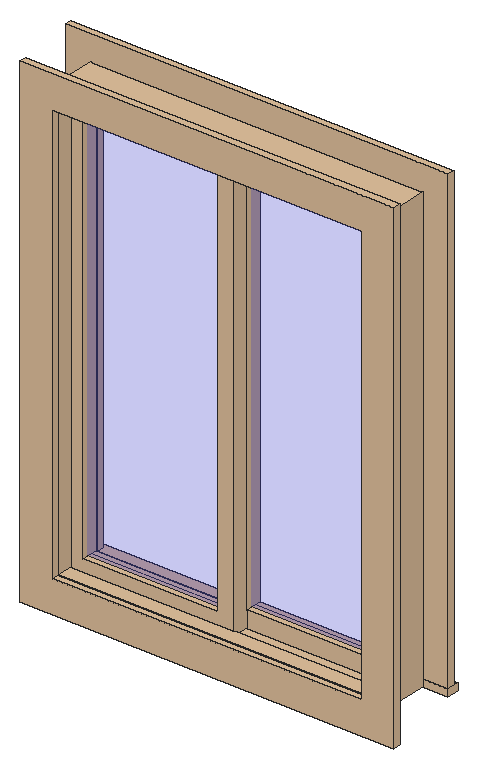
Revit family
Parameters (values of type "0915 x 1220mm")
  유리 창 재료 = 유리
  Height = 1220.00 mm
  섀시 재료 = 섀시
  기본 씰 높이 = 915.00 mm
  자르기 외부 재료 = 자르기
  자르기 내부 재료 = 자르기
  자르기 투영 - 외부 = 19.00 mm
  자르기 투영 - 내부 = 19.00 mm
  자르기 폭 - 외부 = 89.00 mm
  자르기 폭 - 내부 = 89.00 mm
  Wall Closure = (empty or 0)
  Width = 915.00 mm
  창 인세트 = 19.00 mm
Types (7, lengths in mm): name | Height | 기본 씰 높이 | 자르기 투영 - 외부 | 자르기 투영 - 내부 | 자르기 폭 - 외부 | 자르기 폭 - 내부 | Width | 창 인세트
  (no name) | 1220.00 | 915.00 | 19.00 | 19.00 | 89.00 | 89.00 | 915.00 | 19.00
  0915 x 1220mm | 1220.00 | 915.00 | 19.00 | 19.00 | 89.00 | 89.00 | 915.00 | 19.00
  0915 x 0610mm | 610.00 | 915.00 | 19.00 | 19.00 | 89.00 | 89.00 | 915.00 | 19.00
  1830 x 0610mm | 609.60 | 914.40 | 19.05 | 19.05 | 88.90 | 88.90 | 1524.00 | 19.05
  1830 x 1220mm | 1219.20 | 914.40 | 19.05 | 19.05 | 88.90 | 88.90 | 1524.00 | 19.05
  1372 x 0610mm | 610.00 | 915.00 | 19.00 | 19.00 | 89.00 | 89.00 | 1372.00 | 19.00
  1372 x 1220mm | 1220.00 | 915.00 | 19.00 | 19.00 | 89.00 | 89.00 | 1372.00 | 19.00
Reference planes
  plane 1: y = 0
  plane 2: z = 0
  plane 3 "중심": x = 0
  plane 4 "왼쪽": x = -457.5
  plane 5 "오른쪽": x = 457.5
  plane 6 "씰": z = 915
  plane 7 "상단": z = 2135
  plane 8: y = 76.2
  plane 9: y = -76.2
  plane 10: y = 57.2
  plane 11: x = -438.45
  plane 12: x = -425.75
  plane 13: x = -527.45
  plane 14: x = -514.75
  plane 15: x = 438.45
  plane 16: x = 514.75
  plane 17: x = 527.45
  plane 18: x = 425.75
  plane 19: z = 2204.95
  plane 20: z = 2115.95
  plane 21: z = 2103.25
  plane 22: z = 2192.25
  plane 23: z = 946.75
  plane 24: z = 857.75
  plane 25: y = 12.75
  plane 26: y = -31.7
  plane 27 "마무리": y = -15.825
Forms (mm)
  Extrusion 1, solid, material "자르기" <- "자르기 외부 재료"
    sketch origin (0, 0, 0) x (1, 0, 0) y (0, 0, 1)
      loop
        line (-457.5, 2135) -> (-457.5, 915) -> (457.5, 915) -> (457.5, 2135) -> (-457.5, 2135)
      loop
        line (-438.45, 2115.95) -> (-438.45, 934.05) -> (438.45, 934.05) -> (438.45, 2115.95) -> (-438.45, 2115.95)
    from -76.2 to 31.7
  Extrusion 2, solid, material "자르기" <- "자르기 내부 재료"
    sketch origin (0, 0, 0) x (-1, 0, 0) y (0, 0, 1)
      loop
        line (-457.5, 2135) -> (-457.5, 915) -> (457.5, 915) -> (457.5, 2135) -> (-457.5, 2135)
      loop
        line (-425.75, 2103.25) -> (-425.75, 946.75) -> (425.75, 946.75) -> (425.75, 2103.25) -> (-425.75, 2103.25)
    from -31.7 to -76.2
  Extrusion 3, solid, material "섀시" <- "섀시 재료"
    sketch origin (0, 0, 0) x (-1, 0, 0) y (0, 0, 1)
      loop
        line (-438.45, 2115.95) -> (-438.45, 934.05) -> (22.225, 934.05) -> (22.225, 2115.95) -> (-438.45, 2115.95)
      loop
        line (-394, 2071.5) -> (-394, 978.5) -> (-22.225, 978.5) -> (-22.225, 2071.5) -> (-394, 2071.5)
    from 12.75 to 57.2
  Extrusion 4, solid, material "유리" <- "유리 창 재료"
    sketch origin (-124.971, 0, -117.036) x (1, 0, 0) y (0, 0, 1)
      loop
        line (147.196, 2188.536) -> (147.196, 1095.536) -> (518.971, 1095.536) -> (518.971, 2188.536) -> (147.196, 2188.536)
    from -41.325 to -28.625
  Extrusion 5, solid, material "자르기" <- "자르기 내부 재료"
    sketch origin (0, 0, 0) x (1, 0, 0) y (0, 0, 1)
      loop
        line (-425.75, 2103.25) -> (-425.75, 946.75) -> (425.75, 946.75) -> (425.75, 2103.25) -> (-425.75, 2103.25)
      loop
        line (-514.75, 2192.25) -> (-514.75, 857.75) -> (514.75, 857.75) -> (514.75, 2192.25) -> (-514.75, 2192.25)
    from 76.2 to 95.2
  Extrusion 6, solid, material "자르기" <- "자르기 외부 재료"
    sketch origin (0, 0, 0) x (-1, 0, 0) y (0, 0, 1)
      loop
        line (-438.45, 2115.95) -> (438.45, 2115.95) -> (438.45, 934.05) -> (527.45, 934.05) -> (527.45, 2204.95) -> (-527.45, 2204.95) -> (-527.45, 934.05) -> (-438.45, 934.05) -> (-438.45, 2115.95)
    from 76.2 to 95.2
  Extrusion 7, solid, material "자르기" <- "자르기 외부 재료"
    sketch origin (0, 0, 0) x (-1, 0, 0) y (0, 0, 1)
      loop
        line (-527.45, 934.05) -> (-527.45, 915) -> (527.45, 915) -> (527.45, 934.05) -> (-527.45, 934.05)
    from 76.2 to 107.9
  Extrusion 8, solid, material "섀시" <- "섀시 재료"
    sketch origin (0, 0, 0) x (-1, 0, 0) y (0, 0, 1)
      loop
        line (-22.225, 2115.95) -> (-22.225, 934.05) -> (438.45, 934.05) -> (438.45, 2115.95) -> (-22.225, 2115.95)
      loop
        line (22.225, 2071.5) -> (22.225, 978.5) -> (394, 978.5) -> (394, 2071.5) -> (22.225, 2071.5)
    from -31.7 to 12.75
  Extrusion 9, solid, material "유리" <- "유리 창 재료"
    sketch origin (0, 0, 0) x (-1, 0, 0) y (0, 0, 1)
      loop
        line (22.225, 978.5) -> (394, 978.5) -> (394, 2071.5) -> (22.225, 2071.5) -> (22.225, 978.5)
    from -15.825 to -3.125
Lines and regions (mm)
  Opening 1
    outline origin (-1524, -76.2, 0) x (1, 0, 0) y (0, 0, 1)
      loop
        line (1066.5, 2135) -> (1066.5, 915) -> (1981.5, 915) -> (1981.5, 2135) -> (1066.5, 2135)
  symbolic lines, style "WindowsGlassProjection"
    curve 1: line (22.225, 34.975, 0) -> (394, 34.975, 0)
    curve 2: line (-22.225, -9.475, 0) -> (-394, -9.475, 0)
  symbolic lines, style "WindowsFrameMullionProjection"
    curve 3: line (-457.5, 76.2, 0) -> (-438.45, 76.2, 0)
    curve 4: line (-438.45, 76.2, 0) -> (-438.45, -31.7, 0)
    curve 5: line (-438.45, -31.7, 0) -> (-425.75, -31.7, 0)
    curve 6: line (-425.75, -31.7, 0) -> (-425.75, -76.2, 0)
    curve 7: line (-425.75, -76.2, 0) -> (-457.5, -76.2, 0)
    curve 8: line (-425.75, -31.7, 0) -> (-394, -31.7, 0)
    curve 9: line (-394, -31.7, 0) -> (-394, 12.75, 0)
    curve 10: line (-394, 12.75, 0) -> (-438.45, 12.75, 0)
    curve 11: line (22.225, 57.2, 0) -> (-22.225, 57.2, 0)
    curve 12: line (-22.225, 57.2, 0) -> (-22.225, -31.7, 0)
    curve 13: line (-22.225, -31.7, 0) -> (22.225, -31.7, 0)
    curve 14: line (22.225, -31.7, 0) -> (22.225, 57.2, 0)
    curve 15: line (22.225, 12.75, 0) -> (-22.225, 12.75, 0)
    curve 16: line (457.5, 76.2, 0) -> (438.45, 76.2, 0)
    curve 17: line (438.45, 76.2, 0) -> (438.45, -31.7, 0)
    curve 18: line (438.45, -31.7, 0) -> (425.75, -31.7, 0)
    curve 19: line (425.75, -31.7, 0) -> (425.75, -76.2, 0)
    curve 20: line (425.75, -76.2, 0) -> (457.5, -76.2, 0)
    curve 21: line (457.5, -76.2, 0) -> (457.5, 76.2, 0)
    curve 22: line (438.45, 57.2, 0) -> (394, 57.2, 0)
    curve 23: line (394, 57.2, 0) -> (394, 12.75, 0)
    curve 24: line (394, 12.75, 0) -> (438.45, 12.75, 0)
Text (mm)
  text "외부" at (-1001.033, 1124.406, 0), in view "바닥 선"
  text "내부" at (-1001.033, -872.85, 0), in view "바닥 선"
  text "외부" at (0, -424.292, 2872.31), in view "왼쪽"
  text "외부" at (0, 464.664, 3176.206), in view "오른쪽"
Dimensions and locks
  equal spacing: plane 4 "왼쪽", plane 3 "중심", plane 5 "오른쪽"
  "Width": plane 4 "왼쪽" to plane 5 "오른쪽"
  "창 인세트": plane 8 to plane 10
  locked: plane 10 to Extrusion 3 at 44.45
  locked: plane 10 to Extrusion 4 at 15.875
  locked: Extrusion 4 to Extrusion 4 at 12.7
  "자르기 투영 - 내부": Extrusion 5 to Extrusion 5
  "자르기 투영 - 외부": Extrusion 6 to Extrusion 6
  locked: Extrusion 7 sketch curve to Extrusion 1 at 19.05
  locked: Extrusion 7 to Extrusion 6 at 12.7
  locked: Extrusion 8 to Extrusion 3 at 88.9
  locked: Extrusion 8 to Extrusion 8 at 44.45
  locked: Extrusion 9 to Extrusion 8 at 15.875
  locked: Extrusion 9 to Extrusion 9 at 12.7
  locked: plane 4 "왼쪽" to plane 11 at 19.05
  locked: plane 15 to plane 5 "오른쪽" at 19.05
  locked: plane 4 "왼쪽" to plane 12 at 31.75
  locked: plane 18 to plane 5 "오른쪽" at 31.75
  "자르기 폭 - 외부": plane 15 to plane 17
  "자르기 폭 - 외부": plane 13 to plane 11
  "자르기 폭 - 내부": plane 14 to plane 12
  "자르기 폭 - 내부": plane 18 to plane 16
  locked: plane 7 "상단" to plane 21 at 31.75
  locked: plane 23 to plane 6 "씰" at 31.75
  "자르기 폭 - 내부": plane 22 to plane 21
  "자르기 폭 - 내부": plane 23 to plane 24
  plane 20 to plane 7 "상단" = 19.05 mm
  "자르기 폭 - 외부": plane 20 to plane 19
  "기본 씰 높이": plane 6 "씰" to plane 2
  plane 10 to plane 25 to plane 26 = 44.45 mm locked, 44.45 mm locked
  equal spacing: plane 26, curve 2, plane 25
  "Height": plane 6 "씰" to plane 7 "상단"
  locked: plane 8 to plane 27 "마무리" at 92.025
  aligned and locked: plane 7 "상단" to Opening 1 sketch curve
  aligned and locked: plane 6 "씰" to Opening 1 sketch curve  (x2)
  aligned and locked: plane 5 "오른쪽" to Opening 1 sketch curve
  aligned and locked: plane 4 "왼쪽" to Opening 1 sketch curve
  aligned and locked: plane 9 to host wall
  aligned and locked: host wall to Extrusion 2
  aligned and locked: plane 10 to Extrusion 3
  aligned and locked: plane 8 to host wall
  aligned and locked: host wall to Extrusion 1
  aligned and locked: Extrusion 4 sketch curve to Extrusion 3  (x4)
  aligned and locked: Extrusion 5 sketch curve to Extrusion 2  (x4)
  aligned and locked: Extrusion 5 to host wall
  aligned and locked: Extrusion 6 sketch curve to Extrusion 1  (x4)
  aligned and locked: Extrusion 6 to host wall
  aligned and locked: Extrusion 7 sketch curve to Extrusion 6  (x2)
  aligned and locked: Extrusion 7 to host wall
  aligned and locked: Extrusion 8 sketch curve to Extrusion 6  (x2)
  aligned and locked: Extrusion 2 to Extrusion 8
  aligned and locked: Extrusion 1 to Extrusion 2
  aligned and locked: Extrusion 8 to Extrusion 9 sketch curve  (x2)
  aligned and locked: Extrusion 6 to Extrusion 8 sketch curve
  aligned and locked: Extrusion 3 sketch curve to Extrusion 1
  aligned and locked: Extrusion 3 to Extrusion 9 sketch curve
  aligned and locked: curve 1 to Extrusion 3
  aligned and locked: Extrusion 3 to curve 1
  aligned and locked: Extrusion 8 to curve 2
  aligned and locked: curve 2 to Extrusion 8
  aligned and locked: curve 15 to Extrusion 3
  aligned and locked: curve 18 to plane 26
  aligned and locked: plane 25 to curve 24
  aligned and locked: plane 20 to Extrusion 3 sketch curve
  aligned and locked: plane 19 to Extrusion 6 sketch curve
  aligned and locked: Extrusion 6 sketch curve to plane 17
  aligned and locked: Extrusion 6 sketch curve to plane 13
Automatic sketch dimensions
  Extrusion 1 sketch curve to plane 4 "왼쪽" = 0.00 mm
  Extrusion 1 sketch curve to plane 5 "오른쪽" = 0.00 mm
  Extrusion 1 sketch curve to plane 4 "왼쪽" = 19.05 mm
  plane 5 "오른쪽" to Extrusion 1 sketch curve = 19.05 mm
  Extrusion 1 sketch curve to plane 6 "씰" = 0.00 mm
  Extrusion 1 sketch curve to plane 7 "상단" = 0.00 mm
  Extrusion 1 sketch curve to plane 6 "씰" = 19.05 mm
  plane 7 "상단" to Extrusion 1 sketch curve = 19.05 mm
  Extrusion 2 sketch curve to plane 5 "오른쪽" = 0.00 mm
  Extrusion 2 sketch curve to plane 4 "왼쪽" = 0.00 mm
  plane 5 "오른쪽" to Extrusion 2 sketch curve = 31.75 mm
  Extrusion 2 sketch curve to plane 4 "왼쪽" = 31.75 mm
  Extrusion 2 sketch curve to plane 6 "씰" = 0.00 mm
  Extrusion 2 sketch curve to plane 7 "상단" = 0.00 mm
  Extrusion 2 sketch curve to plane 6 "씰" = 31.75 mm
  plane 7 "상단" to Extrusion 2 sketch curve = 31.75 mm
  Extrusion 8 sketch curve to Extrusion 8 sketch curve = 44.45 mm  (x3)
  plane 3 "중심" to Extrusion 8 sketch curve = 22.225 mm
  Extrusion 8 sketch curve to plane 3 "중심" = 22.225 mm
  Extrusion 5 sketch curve to plane 14 = 0.00 mm
  Extrusion 5 sketch curve to plane 16 = 0.00 mm
  Extrusion 5 sketch curve to plane 24 = 0.00 mm
  Extrusion 5 sketch curve to plane 22 = 0.00 mm
  Extrusion 7 sketch curve to plane 13 = 0.00 mm
  Extrusion 9 sketch curve to plane 12 = 31.75 mm
  curve 7 to host wall = 0.00 mm
  curve 7 to plane 4 "왼쪽" = 0.00 mm
  curve 3 to host wall = 0.00 mm
  curve 3 to plane 4 "왼쪽" = 0.00 mm
  curve 5 to plane 11 = 0.00 mm
  curve 5 to plane 12 = 0.00 mm
  curve 19 to plane 18 = 0.00 mm
  curve 18 to plane 15 = 0.00 mm
  curve 20 to host wall = 0.00 mm
  curve 20 to plane 5 "오른쪽" = 0.00 mm
  curve 5 to plane 26 = 0.00 mm
  curve 13 to plane 26 = 0.00 mm
  curve 10 to plane 25 = 0.00 mm
  curve 11 to plane 10 = 0.00 mm
  curve 22 to plane 10 = 0.00 mm
  curve 17 to host wall = 0.00 mm
  curve 1 to plane 10 = 22.225 mm
  Extrusion 3 sketch curve to plane 15 = 0.00 mm
  plane 18 to Extrusion 3 sketch curve = 31.75 mm
  plane 3 "중심" to Extrusion 3 sketch curve = 22.225 mm
  Extrusion 3 sketch curve to plane 3 "중심" = 22.225 mm
  Extrusion 3 sketch curve to plane 23 = 31.75 mm
  plane 21 to Extrusion 3 sketch curve = 31.75 mm
  plane 23 to Extrusion 6 sketch curve = 12.70 mm
